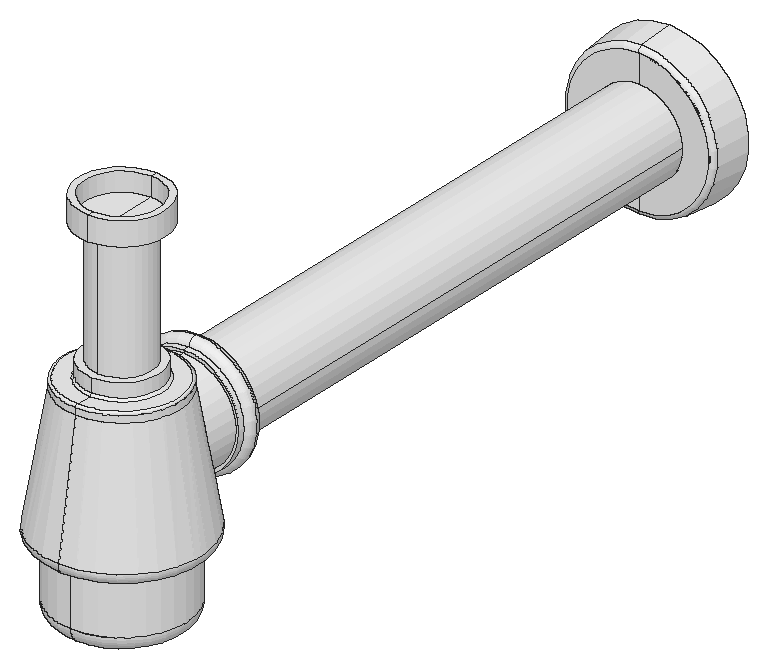
Revit family "Sifão_Pias", category Plumbing Fixtures, Revit 2025
Family settings
  Round Connector Dimension = Use Radius
  Part Type = Normal
  OmniClass Number = 23.45.05.00
  OmniClass Title = Sanitary Equipment
  Work Plane-Based = Yes
  Enable Cutting in Views = No
  Always vertical = Yes
  Cut with Voids When Loaded = Yes
  Maintain Annotation Orientation = No
  Shared = Yes
  Room Calculation Point = No
Parameters (values of type "Sifão_Pias")
  WFU = 2
  URL = "http://www.celite.com.br"
  Selo de Qualidade ofcdesk = "Standard"  # constant formula
  Raio1 [instance] = 16 mm
  Raio Ponto de Esgoto = 20 mm
  Model = Celite: Código  # "B5816C5CRB"
  Metais [instance] = CT_Cromados
  Manufacturer = Celite: Fabricante  # "Celite"
  Elevação [instance] = 680 mm
  Diâmetro Ponto de Esgoto = Raio Ponto de Esgoto * 2  # 40 mm
  Desenvolvido por = "ofcdesk"  # constant formula
  Description = Celite: Descrição  # "Sifão para lavatório 1\"x1.1⁄2\" com tubo de 300 mm (B5816C5CRB), linha Complementos - Metais Celite"
  Default Elevation = 0 mm
  Celite: Versão = "Autodesk Revit MEP 2014"  # constant formula
  Celite: Vazão de Projeto [instance] = 0.0 L/s
  Celite: Tipo = "Sifões"  # constant formula
  Celite: Produto = "Metais"  # constant formula
  Celite: Norma = "ABNT NBR 14162:2011 - Requisitos e métodos de ensaio"
  Celite: Link do Produto = "http://www.celite.com.br/pt/produtos/categoria/2/tipo/10/subtipo/9/"
  Celite: Linha = "Complementos"  # constant formula
  Celite: Informações Técnicas [instance] = "N/A"
  Celite: Informações Gerais [instance] = "N/A"
  Celite: Fabricante = "Celite"  # constant formula
  Celite: Desenho Técnico = "http://www.celite.com.br/media/uploads/desenhos_tecnicos/A5816C5CRB.gif"
  Celite: Descrição = "Sifão para lavatório 1\"x1.1⁄2\" com tubo de 300 mm (B5816C5CRB), linha Complementos - Metais Celite"
  Celite: Código = "B5816C5CRB"
  Celite: Cores Disponíveis = "Cromado"
  Celite: Copyright © = "© 2014 Celite"  # constant formula
  Celite: Categoria = "Cozinhas e Lavatórios"  # constant formula
  Celite: Altura da Peça [instance] = Elevação  # 680 mm
  Assembly Code = "D2010"
  Ajuste Vetical no Lavatório [instance] = 100 mm
  Afastamento da Parede [instance] = 300 mm
Reference planes
  plane 1 "Center (Front/Back)": y = 0
  plane 2: z = 0
  plane 3 "Center (Left/Right)": x = 0
  plane 4: y = -300
  plane 5: z = 780
  plane 6: z = 680
Forms (mm)
  Sweep 1, solid, material "CT_Cromados" <- "Metais"
    path origin (0, 1442.421, 680) x (0, 1, 0) y (-1, 0, 0)
      loop
        line (-1442.421, 0) -> (-1697.421, 0)
    profile origin (0, -127.5, 680) x (1, 0, 0) y (0, 0, 1)
      loop
        circle (0, 0) r 19.05
      loop
        circle (0, 0) r 16
  Revolve 2, solid, material "CT_Cromados" <- "Metais"
    sketch origin (0, 0, 0) x (0, 1, 0) y (0, 0, 1)
      loop
        line (-255, 680) -> (-255, 701.589)
        arc (-255, 701.589) -> (-256.067, 704.702) -> (-258.821, 706.505) r 5.073
        arc (-258.821, 706.505) -> (-261.574, 706.108) -> (-263.24, 703.88) r 3.635
        line (-263.24, 703.88) -> (-265.857, 703.88) -> (-265.857, 680) -> (-255, 680)
      axis (-265.857, 680) -> (-255, 680)
    angle from 0 to 360
  SweptBlend 3, solid, material "CT_Cromados" <- "Metais"
    path origin (0, 0, 0) x (0, 1, 0) y (0, 0, 1)
      loop
        line (-265.857, 680) -> (-300, 680)
    profile origin (0, -265.857, 680) x (0, 0, -1) y (1, 0, 0)
      loop
        circle (0, 0) r 22.486
    end profile origin (0, -300, 680) x (0, 0, -1) y (1, 0, 0)
      loop
        circle (0, 0) r 21.589
  Revolve 4, solid, material "CT_Cromados" <- "Metais"
    sketch origin (0, 0, 0) x (0, 1, 0) y (0, 0, 1)
      loop
        line (-300, 704.157) -> (-274.606, 704.157) -> (-274.606, 707.127)
        arc (-274.606, 707.127) -> (-274.901, 707.84) -> (-275.614, 708.135) r 1.008
        line (-275.614, 708.135) -> (-282.5, 708.135) -> (-283.521, 709.156) -> (-300, 709.156) -> (-300, 704.157)
      axis (-300, 709.156) -> (-300, 704.157)
    angle from 0 to 360
  Sweep 5, solid, material "CT_Cromados" <- "Metais"
    path origin (0, 0, 0) x (0, 1, 0) y (0, 0, 1)
      loop
        line (-300, 709.156) -> (-300, 715.122)
    profile origin (0, -300, 712.139) x (0, -1, 0) y (1, 0, 0)
      loop
        circle (0, 0) r 16.479
  Sweep 6, solid, material "CT_Cromados" <- "Metais"
    path origin (0, 0, 0) x (0, 1, 0) y (0, 0, 1)
      loop
        line (-300, 715.122) -> (-300, 769.613)
    profile origin (0, -300, 742.368) x (0, -1, 0) y (1, 0, 0)
      loop
        circle (0, 0) r 13
  Revolve 7, solid, material "CT_Cromados" <- "Metais"
    sketch origin (0, 0, 0) x (0, 1, 0) y (0, 0, 1)
      loop
        line (0, 699.07) -> (0, 714.571)
        arc (0, 714.571) -> (-7.459, 714.035) -> (-14.888, 713.172) r 170.27
        arc (-14.888, 713.172) -> (-16.254, 712.452) -> (-16.959, 711.077) r 2.565
        line (-16.959, 711.077) -> (-16.959, 699.07) -> (0, 699.07)
      axis (-16.959, 680) -> (0, 680)
    angle from 0 to 360
  Sweep 8, void
    path origin (0, 1442.421, 680) x (0, 1, 0) y (-1, 0, 0)
      loop
        line (-1440.976, 0) -> (-1456.552, 0)
    profile origin (0, -6.343, 680) x (1, 0, 0) y (0, 0, 1)
      loop
        circle (0, 0) r 30
  Revolve 9, solid, material "CT_Cromados" <- "Metais"
    sketch origin (0, 0, 0) x (0, 1, 0) y (0, 0, 1)
      loop
        line (-300, 771.707) -> (-300, 769.613) -> (-281.111, 769.613) -> (-281.111, 780) -> (-284, 780) -> (-284, 771.707) -> (-300, 771.707)
      axis (-300, 780) -> (-300, 769.613)
    angle from 0 to 360
  Revolve 10, solid, material "CT_Cromados" <- "Metais"
    sketch origin (0, 0, 0) x (0, 1, 0) y (0, 0, 1)
      loop
        line (-300, 704.157) -> (-325.394, 704.157) -> (-334.85, 649.952)
        arc (-334.85, 649.952) -> (-333.712, 646.324) -> (-330.244, 644.765) r 4.638
        line (-330.244, 644.765) -> (-328.223, 644.765) -> (-328.223, 621.563)
        arc (-328.223, 621.563) -> (-326.054, 616.326) -> (-320.818, 614.157) r 7.405
        line (-320.818, 614.157) -> (-300, 614.157) -> (-300, 704.157)
      axis (-300, 704.157) -> (-300, 614.157)
    angle from 0 to 360
Cuts and joins
  Sweep 8 cuts Sweep 1
  joined: Sweep 1, Revolve 2, SweptBlend 3, Revolve 4, Sweep 5, Sweep 6, Revolve 9, Revolve 10
  Sweep 8 cuts Revolve 7
Dimensions and locks
  "Ajuste Vetical no Lavatório": plane 5 to plane 6
  "Elevação": plane 6 to level
  locked: Sweep 1 sketch curve to plane 4 at 45
  Sweep 8 sketch curve to Sweep 8 sketch curve = 15.576 mm
  Revolve 7 sketch curve to Revolve 7 sketch curve to Revolve 7 sketch curve = 14.888 mm locked, 2.071 mm locked
  locked: Revolve 9 sketch curve to Revolve 9 sketch curve at 2.889
  "Raio1": Revolve 9 sketch curve to plane 4
  plane 5 to Revolve 9 sketch curve to Revolve 9 sketch curve = 8.293 mm locked, 2.093 mm locked
  Revolve 7 sketch curve to Revolve 7 sketch curve to Revolve 7 sketch curve to Revolve 7 sketch curve to plane 6 = 1.399 mm locked, 2.095 mm locked, 12.007 mm locked, 19.07 mm locked
  "Afastamento da Parede": plane 1 "Center (Front/Back)" to plane 4
  radius of Sweep 1 sketch curve = 16 mm
  radius of Revolve 7 sketch curve = 2.565 mm
  aligned and locked: level to plane 2
  aligned and locked: plane 6 to Revolve 2 sketch curve
  aligned and locked: Revolve 2 sketch curve to plane 6
  aligned and locked: SweptBlend 3 sketch curve to plane 6
  aligned and locked: Revolve 4 sketch curve to plane 4
  aligned and locked: Sweep 5 sketch curve to plane 4
  aligned and locked: Revolve 4 to Sweep 5 sketch curve
  aligned and locked: Sweep 5 sketch curve to Revolve 4  (x2)
  aligned and locked: Sweep 5 to Sweep 6 sketch curve
  aligned and locked: Sweep 6 sketch curve to plane 4
  aligned and locked: Revolve 9 sketch curve to plane 4
  aligned and locked: plane 4 to Revolve 9 sketch curve
  aligned and locked: plane 4 to Revolve 10 sketch curve
  aligned and locked: Revolve 10 sketch curve to plane 4
  aligned and locked: plane 4 to SweptBlend 3 sketch curve
  aligned and locked: cut or joined group of Sweep 1, Revolve 2, SweptBlend 3, Revolve 4, Sweep 5, Sweep 6, Sweep 8, Revolve 9, Revolve 10 to SweptBlend 3 sketch curve
  aligned and locked: plane 6 to Sweep 8 sketch curve
  aligned and locked: plane 3 "Center (Left/Right)" to Sweep 8 sketch curve
Automatic sketch dimensions
  Sweep 1 sketch curve to plane 3 "Center (Left/Right)" = 0 mm
  Revolve 4 sketch curve to plane 4 = 0 mm
  plane 4 to Revolve 4 sketch curve = 16.479 mm
  Revolve 4 sketch curve to Revolve 4 sketch curve = 1.021 mm  (x2)
  Revolve 4 sketch curve to Revolve 4 sketch curve = 6.886 mm
  Revolve 4 sketch curve to Revolve 4 sketch curve = 1.008 mm
  plane 6 to Revolve 4 sketch curve = 22.296 mm
  Revolve 4 sketch curve to Revolve 4 sketch curve = 1.862 mm
  Revolve 4 sketch curve to Revolve 4 sketch curve = 0 mm
  Revolve 4 sketch curve to Revolve 4 sketch curve = 2.97 mm
  Sweep 6 sketch curve to plane 3 "Center (Left/Right)" = 0 mm
  Sweep 6 sketch curve to profile plane = 0 mm
  SweptBlend 3 sketch curve to plane 3 "Center (Left/Right)" = 0 mm  (x2)
  SweptBlend 3 sketch curve to profile plane = 0 mm  (x2)
  Sweep 1 sketch curve to Sweep 1 sketch curve = 0 mm  (x2)
  Sweep 1 sketch curve to plane 6 = 0 mm
  profile plane to Sweep 1 sketch curve = 0 mm
  Sweep 6 sketch curve to plane 5 = 10.387 mm
  Revolve 7 sketch curve to plane 1 "Center (Front/Back)" = 0 mm  (x2)
  Revolve 7 sketch curve to plane 6 = 0 mm
  Revolve 7 sketch curve to plane 1 "Center (Front/Back)" = 5 mm
  Sweep 5 sketch curve to Sweep 5 sketch curve = 5.967 mm
  Revolve 10 sketch curve to Revolve 10 sketch curve = 20.818 mm
  Revolve 10 sketch curve to Revolve 10 sketch curve = 25.394 mm
  Revolve 10 sketch curve to Revolve 10 sketch curve = 7.405 mm
  Revolve 10 sketch curve to Revolve 10 sketch curve = 2.021 mm
  Revolve 10 sketch curve to Revolve 10 sketch curve = 4.606 mm
  Revolve 10 sketch curve to plane 6 = 95.843 mm
  Revolve 10 sketch curve to Revolve 10 sketch curve = 20 mm
  Revolve 10 sketch curve to Revolve 10 sketch curve = 10 mm
  Revolve 10 sketch curve to Revolve 10 sketch curve = 23.202 mm
  Revolve 10 sketch curve to Revolve 10 sketch curve = 4.638 mm
  plane 6 to Revolve 10 sketch curve = 24.157 mm
  SweptBlend 3 sketch curve to SweptBlend 3 sketch curve = 0 mm  (x2)
  SweptBlend 3 sketch curve to SweptBlend 3 sketch curve = 22.486 mm
  plane 4 to Revolve 2 sketch curve = 34.143 mm
  Revolve 2 sketch curve to Revolve 2 sketch curve = 2.616 mm
  Revolve 2 sketch curve to Revolve 2 sketch curve = 3.167 mm
  Revolve 2 sketch curve to Revolve 2 sketch curve = 0.355 mm
  Revolve 2 sketch curve to Revolve 2 sketch curve = 0.897 mm
  Revolve 2 sketch curve to Revolve 2 sketch curve = 0 mm  (x2)
  Revolve 2 sketch curve to Revolve 2 sketch curve = 4.718 mm
  Revolve 2 sketch curve to Revolve 2 sketch curve = 5 mm
  plane 6 to Revolve 2 sketch curve = 21.589 mm
  Sweep 8 sketch curve to plane 3 "Center (Left/Right)" = 0 mm
  Revolve 7 sketch curve to plane 1 "Center (Front/Back)" = 8.47 mm
  plane 1 "Center (Front/Back)" to Sweep 1 sketch curve = 0 mm
  Revolve 9 sketch curve to plane 5 = 0 mm
  Revolve 9 sketch curve to plane 5 = 3.821 mm
  plane 5 to Revolve 9 sketch curve = 8.366 mm
  radius of Sweep 6 sketch curve = 13 mm
  radius of SweptBlend 3 sketch curve = 21.589 mm
  radius of Sweep 1 sketch curve = 19.05 mm
  radius of Sweep 8 sketch curve = 30 mm
Connectors
  piping at (0, 0, 680), diameter 40, driven by "WFU", driven by "Raio Ponto de Esgoto", driven by "Celite: Vazão de Projeto"
    settings: on Sweep 1, index 1, connector inside diameter 40 mm, connector length 0 mm, flow factor 0, pipe flow 0.0 L/s, pressure drop 0.0 Pa, fitting loss kfactor 0, connector angle 0.00°, fixture units 2, engagement length 0 mm, angle of deflection 0.00°, flow configuration 3, flow direction 2, fitting loss method 0, system type 16, joint type 0, gender type 0, connector reference index -1, connector utility 0, adjustable connector no, is connector primary yes, connector description ""
